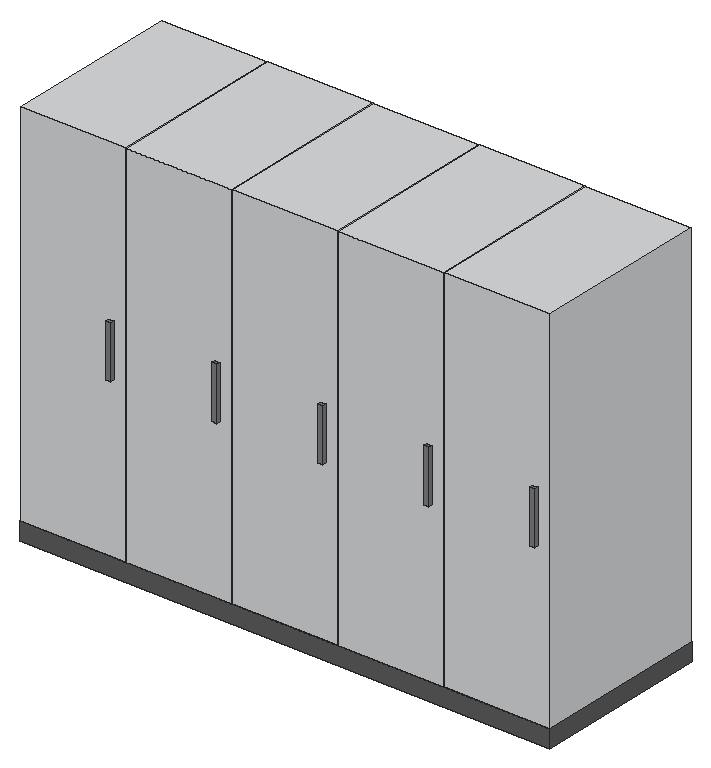
Revit family "EQ_LVMDP Switchboard 5 Cubicle", category Electrical Equipment, Revit 2025
Family settings
  Round Connector Dimension = Use Diameter
  Part Type = Switchboard
  OmniClass Number = 23.80.30.11.17
  OmniClass Title = Distribution Boards and Control Panels
  Work Plane-Based = No
  Always vertical = Yes
  Cut with Voids When Loaded = No
  Maintain Annotation Orientation = No
  Shared = No
  Room Calculation Point = No
Parameters (values of type "1600A 400/230V 4P")
  built-in parameter 1140142 [instance] = -1
  built-in parameter 1140140 [instance] = 1 (stored number, unit not read)
  built-in parameter 1155100 [instance] = -1
  EL Voltage [instance] = 400 V
  EL Number of Poles [instance] = 3
  Default Elevation = 0 mm
Reference planes
  plane 1 "Center (Front/Back)": y = 0
  plane 2: z = 0
  plane 3 "Center (Left/Right)": x = 0
Forms (mm)
  Extrusion 1, solid, material "Plinth Black"
    sketch origin (0, 0, 0) x (1, 0, 0) y (0, 1, 0)
      loop
        line (-1500, -500) -> (1500, -500) -> (1500, 500) -> (-1500, 500) -> (-1500, -500)
    from 0 to 100
  Extrusion 2, solid, material "Switchboard RAL7035"
    sketch origin (0, 0, 100) x (1, 0, 0) y (0, 1, 0)
      loop
        line (-1497, -500) -> (-903, -500) -> (-903, 500) -> (-1497, 500) -> (-1497, -500)
    from 0 to 2100
  Extrusion 3, solid, material "Handle Grey"
    sketch origin (0, 0, 1000) x (1, 0, 0) y (0, 1, 0)
      loop
        line (-1000, -520) -> (-970, -520) -> (-970, -500) -> (-1000, -500) -> (-1000, -520)
    from 0 to 300
  Extrusion 4, solid, material "Switchboard RAL7035"
    sketch origin (0, 0, 100) x (1, 0, 0) y (0, 1, 0)
      loop
        line (-897, -500) -> (-303, -500) -> (-303, 500) -> (-897, 500) -> (-897, -500)
    from 0 to 2100
  Extrusion 5, solid, material "Handle Grey"
    sketch origin (0, 0, 1000) x (1, 0, 0) y (0, 1, 0)
      loop
        line (-400, -520) -> (-370, -520) -> (-370, -500) -> (-400, -500) -> (-400, -520)
    from 0 to 300
  Extrusion 6, solid, material "Switchboard RAL7035"
    sketch origin (0, 0, 100) x (1, 0, 0) y (0, 1, 0)
      loop
        line (-297, -500) -> (297, -500) -> (297, 500) -> (-297, 500) -> (-297, -500)
    from 0 to 2100
  Extrusion 7, solid, material "Handle Grey"
    sketch origin (0, 0, 1000) x (1, 0, 0) y (0, 1, 0)
      loop
        line (200, -520) -> (230, -520) -> (230, -500) -> (200, -500) -> (200, -520)
    from 0 to 300
  Extrusion 8, solid, material "Switchboard RAL7035"
    sketch origin (0, 0, 100) x (1, 0, 0) y (0, 1, 0)
      loop
        line (303, -500) -> (897, -500) -> (897, 500) -> (303, 500) -> (303, -500)
    from 0 to 2100
  Extrusion 9, solid, material "Handle Grey"
    sketch origin (0, 0, 1000) x (1, 0, 0) y (0, 1, 0)
      loop
        line (800, -520) -> (830, -520) -> (830, -500) -> (800, -500) -> (800, -520)
    from 0 to 300
  Extrusion 10, solid, material "Switchboard RAL7035"
    sketch origin (0, 0, 100) x (1, 0, 0) y (0, 1, 0)
      loop
        line (903, -500) -> (1497, -500) -> (1497, 500) -> (903, 500) -> (903, -500)
    from 0 to 2100
  Extrusion 11, solid, material "Handle Grey"
    sketch origin (0, 0, 1000) x (1, 0, 0) y (0, 1, 0)
      loop
        line (1400, -520) -> (1430, -520) -> (1430, -500) -> (1400, -500) -> (1400, -520)
    from 0 to 300
Dimensions and locks
  aligned and locked: level to plane 2
Connectors
  electrical at (0, 0, 2200), driven by "EL Voltage", driven by "EL Number of Poles"
    settings: on Extrusion 6, index 1, voltage 400 V, apparent load 0 VA, apparent load phase1 0 VA, apparent load phase2 0 VA, apparent load phase3 0 VA, power factor 1, load classification "Other", number of poles 3, system type 30, power factor state 1, is connector primary yes, connector utility no, sub classification motor no, connector description ""
